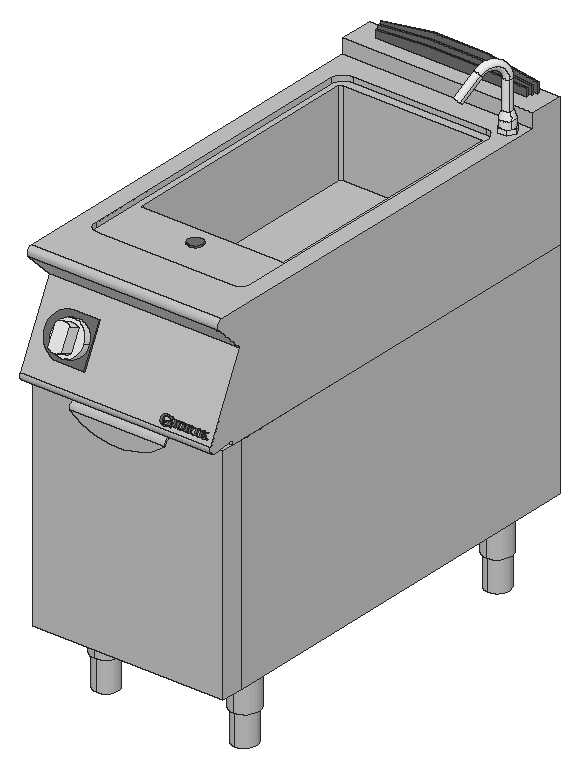
Revit family "QF_GIORIK_CPE926", category Specialty Equipment, Revit 2014
Parameters (values of type "CPE926")
  Weight in Pounds = 143.3003
  Watts = 9000 W
  Waste Water Discharge Temperature [instance] = 0 °C
  Volts = 400 V
  URL Cutsheet = "www.giorik.com"
  URL = "www.giorik.com"
  Status [instance] = ""
  Specification by User [instance] = ""
  Specification by Manufacturer = ""
  Show Logo [instance] = yes
  Show Clearance [instance] = yes
  Serial Number = ""
  Seismic Rating = ""
  SMACNA No = ""
  Revision Code [instance] = ""
  Plumbing Remarks [instance] = ""
  Plumbing Connection Type [instance] = ""
  Phase = 3
  Number of Poles [instance] = 3
  NAFEM Spec ID Number = ""
  Model = "CPE926"
  Min Ckt Ampacity = 0 A
  Max Overcurrent Protection = 0 A
  Masterspec = ""
  Manufacturer = "GIORIK"
  Item Number [instance] = ""
  Installed By [instance] = ""
  Indirect Waste Size = 1"
  Indirect Waste Flow = 0.0 L/s
  Indirect Waste Connection Type [instance] = ""
  Indirect Waste Connection Height [instance] = 150 mm
  Identify Quantity as Lot [instance] = no
  HP = "12.069180000000"
  Furnished By [instance] = ""
  Foodservice Equipment Identifier [instance] = yes
  FL Amps = 0 A
  Electrical Remarks [instance] = ""
  Electric Connection Type [instance] = ""
  Elec Conn RI Height [instance] = 0 mm
  Elec Conn Connection Height [instance] = 150 mm
  Description = "40 LITRE SINGLE TANK ELECTRIC PASTA COOKER."
  Cycle = 50 Hz
  Conn Plug = ""
  Conn Conduit [instance] = no
  Cold Water Temperature Recommended = 0 °C
  Cold Water Size = 1/2"
  Cold Water RI Height [instance] = 150 mm
  Cold Water Minimum Pressure = 20000.0 Pa
  Cold Water Maximum Pressure = 50000.0 Pa
  Cold Water Flow [instance] = 0.0 L/s
  Cold Water Consumption [instance] = ""
  Cold Water Connection Height [instance] = 150 mm
  CSI MasterFormat = ""
  Assembly Code = "E1090320"
  Apparent Power = 9000 VA
Reference planes
  plane 1 "Back": y = 0
  plane 2: z = 0
  plane 3 "Left": x = 0
  plane 4 "Right": x = 400
  plane 5 "Front": y = -920
  plane 6 "Top": z = 900
Forms (mm)
  Extrusion 1, solid, visible <- "Show Logo"
    sketch origin (196.604, -935.76, 608.978) x (-1, 0, 0) y (0, 0.452718, 0.891654)
      loop
        line (-118.824, 58.358) -> (-127.804, 58.358) -> (-125.523, 56.445) -> (-125.523, 48.027) -> (-127.804, 46.113) -> (-118.824, 46.113) -> (-121.105, 48.027) -> (-121.105, 56.445) -> (-118.824, 58.358)
      loop
        line (-163.721, 58.358) -> (-172.7, 58.358) -> (-170.42, 56.445) -> (-170.42, 48.027) -> (-172.7, 46.113) -> (-163.721, 46.113) -> (-166.001, 48.027) -> (-166.001, 56.445) -> (-163.721, 58.358)
      loop
        line (-174.332, 58.358) -> (-183.312, 58.358) -> (-181.031, 56.445) -> (-181.031, 52.435) -> (-186.419, 56.955) -> (-184.416, 58.358) -> (-191.268, 58.358) -> (-188.01, 56.839) -> (-185.455, 54.283) -> (-190.846, 47.858) -> (-193.396, 46.93) -> (-193.396, 46.113) -> (-184.416, 46.113) -> (-185.437, 47.571) -> (-182.443, 51.552) -> (-181.031, 50.894) -> (-181.031, 48.027) -> (-183.312, 46.113) -> (-174.332, 46.113) -> (-176.613, 48.027) -> (-176.613, 56.445) -> (-174.332, 58.358)
      loop
        line (-115.429, 62.063) -> (-115.429, 54.198)
        arc (-115.429, 54.198) -> (-111.618, 57.803) -> (-106.847, 59.986) r 16.039
        arc (-106.847, 59.986) -> (-103.314, 59.837) -> (-100.512, 57.68) r 5.851
        arc (-100.512, 57.68) -> (-98.815, 52.267) -> (-100.512, 46.853) r 9.479
        arc (-100.512, 46.853) -> (-102.406, 44.986) -> (-104.846, 43.93) r 7.236
        arc (-104.846, 43.93) -> (-107.728, 44.111) -> (-110.052, 45.825) r 5.11
        line (-110.052, 45.825) -> (-110.052, 52.001) -> (-116.141, 52.001) -> (-116.141, 45.503) -> (-117.893, 43.751) -> (-114.094, 44.769)
        arc (-114.094, 44.769) -> (-112.56, 44.947) -> (-111.129, 44.366) r 3.115
        arc (-111.129, 44.366) -> (-104.216, 42.091) -> (-97.303, 44.366) r 11.641
        arc (-97.303, 44.366) -> (-93.396, 52.107) -> (-97.303, 59.849) r 9.622
        arc (-97.303, 59.849) -> (-104.369, 62.174) -> (-111.435, 59.849) r 11.898
        line (-111.435, 59.849) -> (-115.429, 62.063)
      loop
        arc (-129.234, 56.068) -> (-135.893, 58.628) -> (-142.552, 56.068) r 9.941
        arc (-142.552, 56.068) -> (-144.234, 52.286) -> (-142.552, 48.505) r 5.093
        arc (-142.552, 48.505) -> (-135.893, 45.945) -> (-129.234, 48.505) r 9.941
        arc (-129.234, 48.505) -> (-127.552, 52.286) -> (-129.234, 56.068) r 5.093
      loop
        arc (-132.628, 54.403) -> (-135.893, 57.668) -> (-139.158, 54.403) r 3.265
        line (-139.158, 54.403) -> (-139.158, 50.169)
        arc (-139.158, 50.169) -> (-135.893, 46.904) -> (-132.628, 50.169) r 3.265
        line (-132.628, 50.169) -> (-132.628, 54.403)
      loop
        arc (-156.363, 58.365) -> (-159.647, 55.081) -> (-156.363, 51.796) r 3.285
        line (-156.363, 51.796) -> (-159.529, 47.306) -> (-162.087, 46.113) -> (-155.847, 46.113) -> (-153.529, 51.083) -> (-150.637, 51.083) -> (-150.637, 47.784) -> (-153.022, 46.113) -> (-144.011, 46.113) -> (-146.094, 47.68) -> (-146.094, 56.493) -> (-144.229, 58.365) -> (-156.363, 58.365)
      loop
        line (-150.637, 57.512) -> (-153.637, 57.512)
        arc (-153.637, 57.512) -> (-156.237, 54.912) -> (-153.637, 52.312) r 2.6
        line (-153.637, 52.312) -> (-150.637, 52.312) -> (-150.637, 57.512)
      loop
        line (-108.924, 52.001) -> (-104.936, 49.005) -> (-100.948, 52.001) -> (-108.924, 52.001)
    from 1.5 to -0.5
  Extrusion 2, solid
    sketch origin (-16, 1025.81, 0) x (1, 0, 0) y (0, 1, 0)
      loop
        line (25, -1086.81) -> (25, -1156.81) -> (115, -1156.81) -> (115, -1086.81) -> (25, -1086.81)
    from 148 to 150
  Extrusion 3, solid
    sketch origin (35, -15, 130) x (1, 0, 0) y (0, 1, 0)
      loop
        circle (54, -385) r 12.5
    from 0 to 20
  Extrusion 4, solid
    sketch origin (0, 800, -20) x (0, 1, 0) y (0, 0, 1)
      loop
        line (-800, 919.988) -> (-870, 919.988) -> (-870, 889.988) -> (-1688.669, 889.988)
        arc (-1688.669, 889.988) -> (-1699.014, 883.075) -> (-1696.586, 870.873) r 11.197
        line (-1696.586, 870.873) -> (-1640.738, 815.025) -> (-1718.81, 661.258)
        arc (-1718.81, 661.258) -> (-1718.095, 650.105) -> (-1707.98, 645.354) r 10.981
        line (-1707.98, 645.354) -> (-1659.862, 649.925) -> (-1659.862, 640) -> (-800, 640) -> (-800, 919.988)
    from 0 to 400
  Extrusion 5, solid
    sketch origin (0, -200, 599.536) x (1, 0, 0) y (0, 1, 0)
      loop
        line (0, -640) -> (40, -640) -> (40, 160) -> (360, 160) -> (360, -640) -> (400, -640) -> (400, 200) -> (0, 200) -> (0, -640)
    from -449.536 to 20.464
  Extrusion 6, solid
    sketch origin (0, -200, 0) x (1, 0, 0) y (0, 1, 0)
      loop
        line (40, 160) -> (40, -640) -> (360, -640) -> (360, 160) -> (40, 160)
    from 150 to 190
  Extrusion 7, solid
    sketch origin (-16, 360.81, 0) x (1, 0, 0) y (0, 1, 0)
      loop
        line (25, -1086.81) -> (25, -1156.81) -> (115, -1156.81) -> (115, -1086.81) -> (25, -1086.81)
    from 148 to 150
  Revolve 8, solid
    sketch origin (54, 360.81, 0) x (0, 1, 0) y (0, 0, 1)
      loop
        line (-1092.56, 66) -> (-1092.56, 148) -> (-1121.81, 148) -> (-1121.81, 0) -> (-1096.81, 0) -> (-1096.81, 66) -> (-1092.56, 66)
      axis (-1121.81, 0) -> (-1121.81, 148)
    angle from 0 to 360
  Revolve 9, solid
    sketch origin (54, 1025.81, 0) x (0, 1, 0) y (0, 0, 1)
      loop
        line (-1092.56, 66) -> (-1092.56, 148) -> (-1121.81, 148) -> (-1121.81, 0) -> (-1096.81, 0) -> (-1096.81, 66) -> (-1092.56, 66)
      axis (-1121.81, 0) -> (-1121.81, 148)
    angle from 0 to 360
  Extrusion 10, solid
    sketch origin (416, 360.81, 0) x (-1, 0, 0) y (0, -1, 0)
      loop
        line (25, 1086.81) -> (115, 1086.81) -> (115, 1156.81) -> (25, 1156.81) -> (25, 1086.81)
    from 148 to 150
  Revolve 11, solid
    sketch origin (346, 360.81, 0) x (0, 1, 0) y (0, 0, -1)
      loop
        line (-1092.56, -66) -> (-1096.81, -66) -> (-1096.81, 0) -> (-1121.81, 0) -> (-1121.81, -148) -> (-1092.56, -148) -> (-1092.56, -66)
      axis (-1121.81, 0) -> (-1121.81, -148)
    angle from 0 to 360
  Extrusion 12, solid
    sketch origin (416, -1217.81, 0) x (-1, 0, 0) y (0, -1, 0)
      loop
        line (25, -1086.81) -> (25, -1156.81) -> (115, -1156.81) -> (115, -1086.81) -> (25, -1086.81)
    from 148 to 150
  Revolve 13, solid
    sketch origin (346, -1217.81, 0) x (0, -1, 0) y (0, 0, 1)
      loop
        line (-1092.56, 66) -> (-1092.56, 148) -> (-1121.81, 148) -> (-1121.81, 0) -> (-1096.81, 0) -> (-1096.81, 66) -> (-1092.56, 66)
      axis (-1121.81, 0) -> (-1121.81, 148)
    angle from 0 to 360
  Extrusion 14, solid
    sketch origin (-343.221, -1163.345, 52.363) x (1, 0, 0) y (0, 0.452718, 0.891654)
      loop
        line (463.221, 676.25) -> (463.221, 766.25) -> (409.698, 766.25)
        arc (409.698, 766.25) -> (364.698, 721.25) -> (409.698, 676.25) r 45
        line (409.698, 676.25) -> (463.221, 676.25)
    from 48 to 50
  Extrusion 15, solid
    sketch origin (431.331, -1208.697, 74.959) x (-1, 0, 0) y (0, -0.45351, -0.891251)
      loop
        circle (351.331, -721.346) r 35
    from 0 to 15
  Extrusion 16, solid
    sketch origin (431.331, -1208.697, 74.959) x (-1, 0, 0) y (0, -0.45351, -0.891251)
      loop
        arc (336.331, -743.846) -> (351.331, -748.846) -> (366.331, -743.846) r 25
        line (366.331, -743.846) -> (366.331, -698.846)
        arc (366.331, -698.846) -> (351.331, -693.846) -> (336.331, -698.846) r 25
        line (336.331, -698.846) -> (336.331, -743.846)
    from 15 to 40
  Extrusion 17, solid
    sketch origin (-94, 0, -10.001) x (1, 0, 0) y (0, 0, 1)
      loop
        line (135, 909.989) -> (453, 909.989) -> (453, 925.527) -> (347.056, 931.749) -> (240.944, 931.749) -> (135, 925.527) -> (135, 909.989)
    from 32 to 35
  Extrusion 18, solid
    sketch origin (-92, 10, -10.001) x (1, 0, 0) y (0, 0, 1)
      loop
        line (454, 909.989) -> (454, 928.527) -> (346.162, 939.193) -> (237.838, 939.193) -> (130, 928.527) -> (130, 909.989) -> (454, 909.989)
    from 32 to 35
  Extrusion 19, solid
    sketch origin (-90, 20, -10.001) x (1, 0, 0) y (0, 0, 1)
      loop
        line (455, 909.989) -> (455, 930.527) -> (345.396, 947.413) -> (234.604, 947.413) -> (125, 930.527) -> (125, 909.989) -> (455, 909.989)
    from 32 to 35
  Extrusion 20, void
    sketch origin (0, -200, 819.988) x (0, 1, 0) y (-1, 0, 0)
      loop
        arc (80, -60) -> (72.678, -42.322) -> (55, -35) r 25
        line (55, -35) -> (-565.002, -35)
        arc (-565.002, -35) -> (-582.68, -42.322) -> (-590.002, -60) r 25
        line (-590.002, -60) -> (-590.002, -340)
        arc (-590.002, -340) -> (-582.68, -357.678) -> (-565.002, -365) r 25
        line (-565.002, -365) -> (55, -365)
        arc (55, -365) -> (72.678, -357.678) -> (80, -340) r 25
        line (80, -340) -> (80, -60)
    from -137.243 to 50
  Extrusion 21, solid
    sketch origin (-224, -316, 100) x (0, 1, 0) y (-1, 0, 0)
      loop
        circle (-54, -313) r 6.35
    from 30 to 50
  Extrusion 22, solid
    sketch origin (136, -286, 100) x (0, 1, 0) y (-1, 0, 0)
      loop
        circle (-129, -162) r 12.7
    from 30 to 50
  Extrusion 23, solid
    sketch origin (0, -200, 809.988) x (0, 1, 0) y (-1, 0, 0)
      loop
        line (60, -345) -> (60, -55)
        arc (60, -55) -> (58.536, -51.464) -> (55, -50) r 5
        line (55, -50) -> (-460.364, -50)
        arc (-460.364, -50) -> (-463.899, -51.464) -> (-465.364, -55) r 5
        line (-465.364, -55) -> (-465.364, -345)
        arc (-465.364, -345) -> (-463.899, -348.536) -> (-460.364, -350) r 5
        line (-460.364, -350) -> (55, -350)
        arc (55, -350) -> (58.536, -348.536) -> (60, -345) r 5
      loop
        arc (73.67, -368.87) -> (80.741, -365.941) -> (83.67, -358.87) r 10
        line (83.67, -358.87) -> (83.67, -40.28)
        arc (83.67, -40.28) -> (80.741, -33.209) -> (73.67, -30.28) r 10
        line (73.67, -30.28) -> (-586, -30.28)
        arc (-586, -30.28) -> (-593.071, -33.209) -> (-596, -40.28) r 10
        line (-596, -40.28) -> (-596, -358.87)
        arc (-596, -358.87) -> (-593.071, -365.941) -> (-586, -368.87) r 10
        line (-586, -368.87) -> (73.67, -368.87)
    from -136.122 to 50
  Extrusion 24, solid
    sketch origin (-4.529, -225.827, 861.988) x (0, 1, 0) y (-1, 0, 0)
      loop
        circle (-476.382, -199.529) r 15
    from -2 to 0
  Extrusion 25, solid
    sketch origin (0, -925, 0) x (1, 0, 0) y (0, 0, 1)
      loop
        line (0, 620) -> (0, 150) -> (400, 150) -> (400, 620) -> (0, 620)
    from -85 to -40
  Extrusion 26, solid
    sketch origin (2.5, -925, -20.1) x (0, 1, 0) y (0, 0, 1)
      loop
        arc (25, 640.1) -> (14.393, 635.707) -> (10, 625.1) r 15
        line (10, 625.1) -> (12, 625.1)
        arc (12, 625.1) -> (15.808, 634.292) -> (25, 638.1) r 13
        line (25, 638.1) -> (40, 638.1) -> (40, 640.1) -> (25, 640.1)
    from 97.5 to 297.5
  Extrusion 27, solid
    sketch origin (2.5, -924.905, -20.1) x (1, 0, 0) y (0, 0, 1)
      loop
        arc (97.5, 625.1) -> (197.5, 590.089) -> (297.5, 625.1) r 160.316
        line (297.5, 625.1) -> (97.5, 625.1)
    from -11.905 to -9.905
  Extrusion 28, solid, visible <- "Show Clearance", detail levels coarse
    sketch origin (395, -925, 0) x (-1, 0, 0) y (0, -1, 0)
      loop
        line (-5, -40) -> (395, -40)
        arc (395, -40) -> (277.534, 241.069) -> (-5, 354.968) r 395
        line (-5, 354.968) -> (-5, -40)
    from 150 to 620
  Revolve 29, solid
    sketch origin (-198.943, 177.098, -15.012) x (0.898794, -0.438371, 0) y (0, 0, 1)
      loop
        line (635, 895) -> (650, 895) -> (650, 910) -> (645, 925) -> (635, 925) -> (635, 895)
      axis (635, 925) -> (635, 895)
    angle from 0 to 360
  Sweep 30, solid
    path origin (475.686, 111.746, -15.012) x (0.438371, 0.898794, 0) y (0, 0, 1)
      loop
        line (-237, 925) -> (-237, 986.382)
        arc (-237, 986.382) -> (-256.494, 1014.482) -> (-289.641, 1006.064) r 30
        line (-289.641, 1006.064) -> (-326.852, 963.258)
    profile origin (371.792, -101.268, 940.679) x (-0.438371, -0.898794, 0) y (0.898794, -0.438371, 0)
      loop
        circle (0, 0) r 9
  Extrusion 31, solid
    sketch origin (-678.408, 1017.906, 884.988) x (-0.779686, 0.626171, 0) y (-0.626171, -0.779686, 0)
      loop
        line (-1502.427, 209.668) -> (-1506.406, 227.223) -> (-1523.598, 232.555) -> (-1536.811, 220.332) -> (-1532.833, 202.777) -> (-1515.641, 197.445) -> (-1502.427, 209.668)
    from -15 to -5
Cuts and joins
  Extrusion 20 cuts Extrusion 4
Lines and regions (mm)
  symbolic lines, style "200-EquipBorder-2D"
    curve 1: line (0, -920, 0) -> (400, -920, 0)
    curve 2: line (400, -920, 0) -> (400, 0, 0)
    curve 3: line (400, 0, 0) -> (0, 0, 0)
    curve 4: line (0, 0, 0) -> (0, -920, 0)
    curve 47: line (65, -927.413, 900) -> (65, -920, 900)
    curve 48: line (95, -927.413, 900) -> (95, -920, 900)
    curve 49: arc (65, -927.413, 900) -> (80, -929.73, 900) -> (95, -927.413, 900) r 49.71
  symbolic lines, style "200-EquipInternal-2D"
    curve 5: line (0, -70, 900) -> (400, -70, 900)
    curve 6: line (35, -12, 900) -> (365, -12, 900)
    curve 7: line (365, -12, 900) -> (365, -15, 900)
    curve 8: line (365, -15, 900) -> (35, -15, 900)
    curve 9: line (35, -15, 900) -> (35, -12, 900)
    curve 10: line (38, -22, 900) -> (362, -22, 900)
    curve 11: line (362, -22, 900) -> (362, -25, 900)
    curve 12: line (362, -25, 900) -> (38, -25, 900)
    curve 13: line (38, -25, 900) -> (38, -22, 900)
    curve 14: line (41, -32, 900) -> (359, -32, 900)
    curve 15: line (359, -32, 900) -> (359, -35, 900)
    curve 16: line (359, -35, 900) -> (41, -35, 900)
    curve 17: line (41, -35, 900) -> (41, -32, 900)
    curve 18: line (340, -120, 900) -> (60, -120, 900)
    curve 19: arc (60, -120, 900) -> (42.322, -127.322, 900) -> (35, -145, 900) r 25
    curve 20: line (35, -145, 900) -> (35, -765, 900)
    curve 21: arc (365, -145, 900) -> (364.738, -141.392, 900) -> (363.958, -137.859, 900) r 25
    curve 22: line (365, -765, 900) -> (365, -145, 900)
    curve 23: arc (340, -790, 900) -> (357.678, -782.678, 900) -> (365, -765, 900) r 25
    curve 24: line (60, -790, 900) -> (340, -790, 900)
    curve 25: arc (35, -765, 900) -> (42.322, -782.678, 900) -> (60, -790, 900) r 25
    curve 26: line (50, -660.364, 900) -> (50, -145, 900)
    curve 27: line (55, -140, 900) -> (342.887, -140, 900)
    curve 28: line (350, -166.478, 900) -> (350, -660.364, 900)
    curve 29: line (345, -665.364, 900) -> (55, -665.364, 900)
    curve 30: arc (55, -140, 900) -> (51.464, -141.464, 900) -> (50, -145, 900) r 5
    curve 31: arc (350, -660.364, 900) -> (348.536, -663.899, 900) -> (345, -665.364, 900) r 5
    curve 32: arc (55, -665.364, 900) -> (51.464, -663.899, 900) -> (50, -660.364, 900) r 5
    curve 33: circle (195, -702.209, 900) r 15 normal (0, 0, 1)
    curve 36: arc (351.32, -122.71, 900) -> (345.82, -120.687, 900) -> (340, -120, 900) r 25
    curve 37: line (361.726, -86.345, 900) -> (353.835, -102.523, 900)
    curve 38: line (379.682, -85.09, 900) -> (361.726, -86.345, 900)
    curve 39: line (389.748, -100.012, 900) -> (379.682, -85.09, 900)
    curve 40: line (381.857, -116.19, 900) -> (389.748, -100.012, 900)
    curve 41: arc (363.702, -97.322, 900) -> (375.737, -93.179, 900) -> (379.881, -105.213, 900) r 9
    curve 42: line (379.881, -105.213, 900) -> (340.492, -185.971, 900)
    curve 43: line (324.314, -178.081, 900) -> (363.702, -97.322, 900)
    curve 44: spline (324.314, -178.081, 900) -> (323.819, -179.795, 900) -> (323.909, -181.661, 900) -> (324.578, -183.552, 900) -> (325.781, -185.339, 900) -> (327.434, -186.9, 900) -> (329.426, -188.129, 900) -> (331.621, -188.943, 900) -> (333.87, -189.284, 900) -> (336.018, -189.132, 900) -> (337.92, -188.494, 900) -> (339.446, -187.417, 900) -> (340.492, -185.971, 900)
    curve 45: line (353.835, -102.523, 900) -> (358.09, -108.83, 900)
    curve 46: line (374.268, -116.721, 900) -> (381.857, -116.19, 900)
  symbolic lines, style "QF_Door-Drawer Clearances", visible <- "Show Clearance", detail levels coarse
    curve 34: arc (400, -1279.968, 0) -> (130.204, -1178.101, 0) -> (1.554, -920, 0) r 395
    curve 35: line (400, -920, 0) -> (400, -1279.968, 0)
Dimensions and locks
  plane 3 "Left" to plane 4 "Right" = 400 mm
  plane 5 "Front" to plane 1 "Back" = 920 mm
  plane 4 "Right" to plane 3 "Left" = 400 mm
  plane 1 "Back" to plane 5 "Front" = 920 mm
  plane 6 "Top" to level = 900 mm  (x2)
  aligned and locked: level to plane 2
Connectors
  piping at (89, -370, 130), diameter 12.7, driven by "Cold Water Size", driven by "Cold Water Flow"
    settings: on Extrusion 21, index 2, connector inside diameter 24", connector length 0 mm, flow factor 0, pipe flow 0.0 L/s, pressure drop 0.0 Pa, fitting loss kfactor 0, connector angle 0.00°, fixture units 0, engagement length 0 mm, angle of deflection 0.00°, flow configuration 1, flow direction 1, fitting loss method 0, system type 20, joint type 0, gender type 0, connector reference index -1, connector utility 0, adjustable connector no, is connector primary yes, connector description "Water inlet"
  piping at (298, -415, 130), diameter 25.4, driven by "Indirect Waste Size", driven by "Indirect Waste Flow"
    settings: on Extrusion 22, index 3, connector inside diameter 24", connector length 0 mm, flow factor 0, pipe flow 0.0 L/s, pressure drop 0.0 Pa, fitting loss kfactor 0, connector angle 0.00°, fixture units 0, engagement length 0 mm, angle of deflection 0.00°, flow configuration 1, flow direction 2, fitting loss method 0, system type 16, joint type 0, gender type 0, connector reference index -1, connector utility 0, adjustable connector no, is connector primary no, connector description "Water drain"
  electrical at (89, -400, 130), driven by "Apparent Power", driven by "Volts", driven by "Number of Poles"
    settings: on Extrusion 3, index 4, voltage 400 V, apparent load 0 VA, apparent load phase1 9000 VA, apparent load phase2 0 VA, apparent load phase3 0 VA, power factor 1, load classification "Other", number of poles 3, system type 31, power factor state 1, is connector primary yes, connector utility no, sub classification motor no, connector description "Electrical connection"
